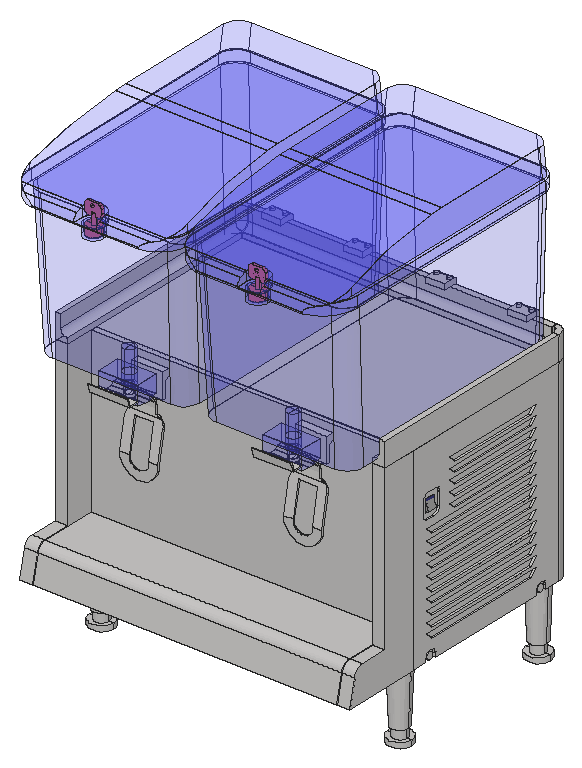
Revit family "QF_ELECTROLUXPROFESSIONAL_600932_ECS2D22", category Specialty Equipment, Revit 2018
Family settings
  Round Connector Dimension = Use Diameter
  Part Type = Normal
  Work Plane-Based = No
  Always vertical = Yes
  Cut with Voids When Loaded = No
  Shared = No
  Room Calculation Point = No
Parameters (values of type "Standard")
  Weight = 32.00 kg
  Watts = 0 W
  Volts = 230 V
  URL Manufacturer = "http://professional.electrolux.com"
  URL = "http://professional.electrolux.com"
  Steam Supply Size = 0 mm
  Steam Supply Minimum Pressure = 0.0 Pa
  Steam Supply Maximum Pressure = 0.0 Pa
  Steam Pounds per Hour = 0
  Refrigeration Suction Line Size = 0 mm
  Refrigeration Liquid Line Size = 0 mm
  Refrigerant Compressor Remote = yes
  Manufacturer = "Electrolux Professional"
  Phase = 1
  Model = "ECS2D22"
  Length Actual = 521.0 mm  # constant formula
  Item Number = "600932"
  Hot Water Size = 0 mm
  Height Actual = 729.0 mm  # constant formula
  HP = "0.5 HP"
  Gas Size = 0 mm
  Gas KW = 0
  Gas Input Pressure = 0 W
  Direct Waste Size = 0 mm
  Description = "COLD BEV DISP. 2X18 LT - AGITATOR"
  Depth Actual = 451.0 mm  # constant formula
  Cycle = 60 Hz
  Condensate Return Size = 0 mm
  Compressed Air Volume = 0.0 L/s
  Compressed Air Size = 0 mm
  Compressed Air Pressure = 0.0 Pa
  Cold Water Size = 0 mm
  Accessory = yes
Reference planes
  plane 1 "Center (Front/Back)": y = 0
  plane 2 "BASE": z = 0
  plane 3 "Center (Left/Right)": x = 0
  plane 4 "FEET": z = 110
  plane 5 "BACK": y = 212
  plane 6 "LEFT": x = -260
  plane 7 "RIGHT": x = 260
  plane 8 "FeetBack": y = 182
  plane 9 "EI_Front": y = 43
  plane 10 "TopBase": z = 420
  plane 11 "TOP": z = 729
  plane 12 "FRONT": y = -256
  plane 13 "FeetFront": y = -91
  plane 14 "Fillet": y = 192
  plane 15 "EI_Left": x = 234.6
  plane 16 "BaseVasca": z = 420
  plane 17 "Key": y = -238.074
Forms (mm)
  Extrusion 1, solid, material "QF_Finishes_Rubber Black"
    sketch origin (127, -237.264, 237.417) x (-1, 0, 0) y (0, 0, 1)
      loop
        line (-134.813, 85.505) -> (-130.245, 83.471) -> (-130.245, 81.362) -> (-128, 81.362) -> (-128, 101.362) -> (-130.245, 101.362)
        arc (-130.245, 101.362) -> (-131.172, 93.043) -> (-134.813, 85.505) r 24.82
    from 185 to 170
  Extrusion 2, solid, material "QF_Clearances", detail levels coarse
    sketch origin (1888.173, -11.659, 0) x (1, 0, 0) y (0, 1, 0)
      loop
        line (-2148.173, -244.341) -> (-2148.173, 223.659) -> (-1628.173, 223.659) -> (-1628.173, -244.341) -> (-1501.173, -244.341) -> (-1501.173, 373.659) -> (-2275.173, 373.659) -> (-2275.173, -244.341) -> (-2148.173, -244.341)
    from 0 to 729
  Revolve 3, solid, material "QF_Finishes_Stainless Steel"
    sketch origin (127, -91, 0) x (0, 0, 1) y (1, 0, 0)
      loop
        line (0, 127) -> (0, 108) -> (110, 108) -> (110, 125.038) -> (23, 122) -> (23, 119) -> (8, 119) -> (8, 127) -> (0, 127)
      axis (0, 108) -> (110, 108)
    angle from 0 to 360
  Revolve 4, solid, material "QF_Finishes_Stainless Steel"
    sketch origin (-127, -91, 0) x (0, 0, 1) y (1, 0, 0)
      loop
        line (0, -127) -> (8, -127) -> (8, -119) -> (23, -119) -> (23, -122) -> (110, -125.038) -> (110, -108) -> (0, -108) -> (0, -127)
      axis (0, -108) -> (110, -108)
    angle from 0 to 360
  Revolve 5, solid, material "QF_Finishes_Stainless Steel"
    sketch origin (127, 182, 0) x (-1, 0, 0) y (0, 0, 1)
      loop
        line (-127, 0) -> (-108, 0) -> (-108, 110) -> (-125.038, 110) -> (-122, 23) -> (-119, 23) -> (-119, 8) -> (-127, 8) -> (-127, 0)
      axis (-108, 0) -> (-108, 110)
    angle from 0 to 360
  Revolve 6, solid, material "QF_Finishes_Stainless Steel"
    sketch origin (-127, 182, 0) x (-1, 0, 0) y (0, 0, 1)
      loop
        line (127, 0) -> (127, 8) -> (119, 8) -> (119, 23) -> (122, 23) -> (125.038, 110) -> (108, 110) -> (108, 0) -> (127, 0)
      axis (108, 0) -> (108, 110)
    angle from 0 to 360
  Extrusion 7, solid, material "QF_Finishes_Stainless Steel"
    sketch origin (260, 0, 0) x (0, -1, 0) y (0, 0, 1)
      loop
        line (96.764, 110) -> (221, 110) -> (211.598, 151.16)
        arc (211.598, 151.16) -> (205.975, 160.107) -> (196, 163.597) r 16
        line (196, 163.597) -> (151, 163.597) -> (151, 420) -> (96.764, 420) -> (96.764, 110)
    from 20 to 0
  Extrusion 8, solid, material "QF_Finishes_Stainless Steel"
    sketch origin (0, 0, 0) x (0, 1, 0) y (0, 0, 1)
      loop
        line (-96.764, 110) -> (-96.764, 420) -> (-106, 420) -> (-106, 163.597) -> (-196, 163.597)
        arc (-196, 163.597) -> (-205.975, 160.107) -> (-211.598, 151.16) r 16
        line (-211.598, 151.16) -> (-221, 110) -> (-96.764, 110)
    from -240 to 240
  Extrusion 9, solid, material "QF_Finishes_Stainless Steel"
    sketch origin (260, -1000, 0) x (0, -1, 0) y (0, 0, 1)
      loop
        line (-903.236, 110) -> (-903.236, 420) -> (-1192, 420) -> (-1192, 110) -> (-1166, 110) -> (-1166, 115.694)
        arc (-1166, 115.694) -> (-1156, 125.694) -> (-1146, 115.694) r 10
        line (-1146, 115.694) -> (-1146, 110) -> (-948, 110) -> (-948, 115.694)
        arc (-948, 115.694) -> (-938, 125.694) -> (-928, 115.694) r 10
        line (-928, 115.694) -> (-928, 110) -> (-903.236, 110)
      loop
        arc (-923.159, 339.837) -> (-926.088, 346.908) -> (-933.159, 349.837) r 10
        line (-933.159, 349.837) -> (-947.159, 349.837)
        arc (-947.159, 349.837) -> (-954.23, 346.908) -> (-957.159, 339.837) r 10
        line (-957.159, 339.837) -> (-957.159, 319.837)
        arc (-957.159, 319.837) -> (-954.23, 312.766) -> (-947.159, 309.837) r 10
        line (-947.159, 309.837) -> (-933.159, 309.837)
        arc (-933.159, 309.837) -> (-926.088, 312.766) -> (-923.159, 319.837) r 10
        line (-923.159, 319.837) -> (-923.159, 339.837)
      loop
        line (-974.071, 381.364) -> (-1149.071, 381.364) -> (-1137.071, 369.364) -> (-986.071, 369.364) -> (-974.071, 381.364)
      loop
        line (-974.071, 364.864) -> (-1149.071, 364.864) -> (-1137.071, 352.864) -> (-986.071, 352.864) -> (-974.071, 364.864)
      loop
        line (-974.071, 348.364) -> (-1149.071, 348.364) -> (-1137.071, 336.364) -> (-986.071, 336.364) -> (-974.071, 348.364)
      loop
        line (-974.071, 331.864) -> (-1149.071, 331.864) -> (-1137.071, 319.864) -> (-986.071, 319.864) -> (-974.071, 331.864)
      loop
        line (-974.071, 315.364) -> (-1149.071, 315.364) -> (-1137.071, 303.364) -> (-986.071, 303.364) -> (-974.071, 315.364)
      loop
        line (-929.071, 298.864) -> (-1149.071, 298.864) -> (-1137.071, 286.864) -> (-941.071, 286.864) -> (-929.071, 298.864)
      loop
        line (-929.071, 282.364) -> (-1149.071, 282.364) -> (-1137.071, 270.364) -> (-941.071, 270.364) -> (-929.071, 282.364)
      loop
        line (-929.071, 265.864) -> (-1149.071, 265.864) -> (-1137.071, 253.864) -> (-941.071, 253.864) -> (-929.071, 265.864)
      loop
        line (-929.071, 249.364) -> (-1149.071, 249.364) -> (-1137.071, 237.364) -> (-941.071, 237.364) -> (-929.071, 249.364)
      loop
        line (-929.071, 232.864) -> (-1149.071, 232.864) -> (-1137.071, 220.864) -> (-941.071, 220.864) -> (-929.071, 232.864)
      loop
        line (-929.071, 216.364) -> (-1149.071, 216.364) -> (-1137.071, 204.364) -> (-941.071, 204.364) -> (-929.071, 216.364)
      loop
        line (-929.071, 199.864) -> (-1149.071, 199.864) -> (-1137.071, 187.864) -> (-941.071, 187.864) -> (-929.071, 199.864)
      loop
        line (-929.071, 183.364) -> (-1149.071, 183.364) -> (-1137.071, 171.364) -> (-941.071, 171.364) -> (-929.071, 183.364)
      loop
        line (-929.071, 166.864) -> (-1149.071, 166.864) -> (-1137.071, 154.864) -> (-941.071, 154.864) -> (-929.071, 166.864)
      loop
        line (-929.071, 150.364) -> (-1149.071, 150.364) -> (-1137.071, 138.364) -> (-941.071, 138.364) -> (-929.071, 150.364)
    from 5 to 0
  Extrusion 10, solid, material "QF_Finishes_Stainless Steel"
    sketch origin (-260, 0, 0) x (0, 1, 0) y (0, 0, 1)
      loop
        line (-96.764, 110) -> (-96.764, 420) -> (-151, 420) -> (-151, 163.597) -> (-196, 163.597)
        arc (-196, 163.597) -> (-205.975, 160.107) -> (-211.598, 151.16) r 16
        line (-211.598, 151.16) -> (-221, 110) -> (-96.764, 110)
    from 20 to 0
  Extrusion 11, solid, material "QF_Finishes_Stainless Steel"
    sketch origin (-260, 0, 0) x (0, 1, 0) y (0, 0, 1)
      loop
        line (-96.764, 110) -> (-72, 110) -> (-72, 115.694)
        arc (-72, 115.694) -> (-62, 125.694) -> (-52, 115.694) r 10
        line (-52, 115.694) -> (-52, 110) -> (146, 110) -> (146, 115.694)
        arc (146, 115.694) -> (156, 125.694) -> (166, 115.694) r 10
        line (166, 115.694) -> (166, 110) -> (192, 110) -> (192, 420) -> (-96.764, 420) -> (-96.764, 110)
      loop
        line (-70.929, 381.364) -> (-58.929, 369.364) -> (137.071, 369.364) -> (149.071, 381.364) -> (-70.929, 381.364)
      loop
        line (-70.929, 364.864) -> (-58.929, 352.864) -> (137.071, 352.864) -> (149.071, 364.864) -> (-70.929, 364.864)
      loop
        line (-70.929, 348.364) -> (-58.929, 336.364) -> (137.071, 336.364) -> (149.071, 348.364) -> (-70.929, 348.364)
      loop
        line (-70.929, 331.864) -> (-58.929, 319.864) -> (137.071, 319.864) -> (149.071, 331.864) -> (-70.929, 331.864)
      loop
        line (-70.929, 315.364) -> (-58.929, 303.364) -> (137.071, 303.364) -> (149.071, 315.364) -> (-70.929, 315.364)
      loop
        line (-70.929, 298.864) -> (-58.929, 286.864) -> (137.071, 286.864) -> (149.071, 298.864) -> (-70.929, 298.864)
      loop
        line (-70.929, 282.364) -> (-58.929, 270.364) -> (137.071, 270.364) -> (149.071, 282.364) -> (-70.929, 282.364)
      loop
        line (-70.929, 265.864) -> (-58.929, 253.864) -> (137.071, 253.864) -> (149.071, 265.864) -> (-70.929, 265.864)
      loop
        line (-70.929, 249.364) -> (-58.929, 237.364) -> (137.071, 237.364) -> (149.071, 249.364) -> (-70.929, 249.364)
      loop
        line (-70.929, 232.864) -> (-58.929, 220.864) -> (137.071, 220.864) -> (149.071, 232.864) -> (-70.929, 232.864)
      loop
        line (-70.929, 216.364) -> (-58.929, 204.364) -> (137.071, 204.364) -> (149.071, 216.364) -> (-70.929, 216.364)
      loop
        line (-70.929, 199.864) -> (-58.929, 187.864) -> (137.071, 187.864) -> (149.071, 199.864) -> (-70.929, 199.864)
      loop
        line (-70.929, 183.364) -> (-58.929, 171.364) -> (137.071, 171.364) -> (149.071, 183.364) -> (-70.929, 183.364)
      loop
        line (-70.929, 166.864) -> (-58.929, 154.864) -> (137.071, 154.864) -> (149.071, 166.864) -> (-70.929, 166.864)
      loop
        line (-70.929, 150.364) -> (-58.929, 138.364) -> (137.071, 138.364) -> (149.071, 150.364) -> (-70.929, 150.364)
    from 5 to 0
  Extrusion 12, solid, material "QF_Finishes_Stainless Steel"
    sketch origin (0, 0, 0) x (0, 1, 0) y (0, 0, 1)
      loop
        line (-96.764, 110) -> (192, 110) -> (192, 420) -> (-96.764, 420) -> (-96.764, 110)
    from 255 to -255
  Extrusion 13, solid, material "QF_Finishes_Stainless Steel"
    sketch origin (0, 0, 0) x (0, 1, 0) y (0, 0, 1)
      loop
        line (212, 110) -> (212, 420) -> (192, 420) -> (192, 110) -> (212, 110)
    from 240 to -240
  Extrusion 14, solid, material "QF_Finishes_Stainless Steel"
    sketch origin (0, -256, 0) x (-1, 0, 0) y (0, 0, 1)
      loop
        line (-260, 420) -> (-240, 420) -> (-240, 428.026)
        arc (-240, 428.026) -> (-247.802, 431.235) -> (-251.037, 439.026) r 11
        line (-251.037, 439.026) -> (-251.037, 458.026) -> (-260, 458.026) -> (-260, 420)
      loop
        line (260, 420) -> (260, 458.026) -> (251.037, 458.026) -> (251.037, 439.026)
        arc (251.037, 439.026) -> (247.802, 431.235) -> (240, 428.026) r 11
        line (240, 428.026) -> (240, 420) -> (260, 420)
    from 448 to 105
  Extrusion 15, solid, material "QF_Finishes_Stainless Steel"
    sketch origin (0, 0, 0) x (0, 1, 0) y (0, 0, 1)
      loop
        line (212, 420) -> (212, 458.026) -> (203.037, 458.026) -> (203.037, 439.026)
        arc (203.037, 439.026) -> (199.802, 431.235) -> (192, 428.026) r 11
        line (192, 428.026) -> (192, 420) -> (212, 420)
    from 240 to -240
  Revolve 16, solid, material "QF_Finishes_Stainless Steel"
    sketch origin (127, 192, 0) x (-1, 0, 0) y (0, 0, 1)
      loop
        line (-113, 420) -> (-113, 428.026)
        arc (-113, 428.026) -> (-120.802, 431.235) -> (-124.037, 439.026) r 11
        line (-124.037, 439.026) -> (-124.037, 458.026) -> (-133, 458.026) -> (-133, 420) -> (-113, 420)
      axis (-113, 420) -> (-113, 458.026)
    angle from 0 to -90
  Revolve 17, solid, material "QF_Finishes_Stainless Steel"
    sketch origin (-127, 192, 0) x (1, 0, 0) y (0, 0, 1)
      loop
        line (-113, 420) -> (-113, 428.026)
        arc (-113, 428.026) -> (-120.802, 431.235) -> (-124.037, 439.026) r 11
        line (-124.037, 439.026) -> (-124.037, 458.026) -> (-133, 458.026) -> (-133, 420) -> (-113, 420)
      axis (-113, 420) -> (-113, 458.026)
    angle from 0 to -90
  Extrusion 18, solid, material "QF_Finishes_Stainless Steel"
    sketch origin (0, 0, 110) x (-1, 0, 0) y (0, -1, 0)
      loop
        line (240, -192) -> (240, -212)
        arc (240, -212) -> (254.142, -206.142) -> (260, -192) r 20
        line (260, -192) -> (240, -192)
      loop
        arc (-260, -192) -> (-254.142, -206.142) -> (-240, -212) r 20
        line (-240, -212) -> (-240, -192) -> (-260, -192)
    from 0 to 310
  Extrusion 19, solid, material "QF_Finishes_Stainless Steel"
    sketch origin (260, 0, 0) x (0, -1, 0) y (0, 0, 1)
      loop
        circle (62, 115.694) r 5
      loop
        circle (-156, 115.694) r 5
    from 1 to 5
  Extrusion 20, solid, material "QF_Finishes_Stainless Steel"
    sketch origin (-260, 0, 0) x (0, 1, 0) y (0, 0, 1)
      loop
        circle (-62, 115.694) r 5
      loop
        circle (156, 115.694) r 5
    from 1 to 5
  Extrusion 21, solid, material "QF_Finishes_Stainless Steel"
    sketch origin (126.6, 43, 110) x (-1, 0, 0) y (0, -1, 0)
      loop
        circle (-108, 0) r 10
    from 0 to -10
Lines and regions (mm)
  symbolic lines
    curve 1: arc (-240, 212, 420) -> (-254.142, 206.142, 420) -> (-260, 192, 420) r 20
    curve 2: line (240, 212, 420) -> (209.263, 212, 420)
    curve 3: arc (240, 212, 420) -> (254.142, 206.142, 420) -> (260, 192, 420) r 20
    curve 4: line (-260, 192, 420) -> (-260, -221, 420)
    curve 5: line (260, -221, 420) -> (260, 192, 420)
    curve 6: line (240, 203.037, 420) -> (209.263, 203.037, 420)
    curve 7: arc (-240, 203.037, 420) -> (-247.805, 199.805, 420) -> (-251.037, 192, 420) r 11.037
    curve 8: arc (240, 203.037, 420) -> (247.805, 199.805, 420) -> (251.037, 192, 420) r 11.037
    curve 9: line (-251.037, 192, 420) -> (-251.037, 184.473, 420)
    curve 10: line (251.037, 184.473, 420) -> (251.037, 192, 420)
    curve 11: line (-257.131, -151, 420) -> (-260, -151, 420)
    curve 12: line (-260, -221, 420) -> (-253.706, -221, 420)
    curve 13: line (-4.82, -221, 420) -> (4.82, -221, 420)
    curve 14: line (260, -221, 420) -> (253.706, -221, 420)
    curve 15: line (260, -151, 420) -> (257.131, -151, 420)
    curve 16: line (-209.263, 203.037, 420) -> (-240, 203.037, 420)
    curve 17: line (49.263, 203.037, 420) -> (-49.263, 203.037, 420)
    curve 18: line (49.263, 212, 420) -> (-49.263, 212, 420)
    curve 19: line (-209.263, 212, 420) -> (-240, 212, 420)
    curve 20: line (179.263, 212, 420) -> (79.263, 212, 420)
    curve 21: line (179.263, 203.037, 420) -> (79.263, 203.037, 420)
    curve 22: line (-79.263, 203.037, 420) -> (-179.263, 203.037, 420)
    curve 23: line (-79.263, 212, 420) -> (-179.263, 212, 420)
Dimensions and locks
  plane 4 "FEET" to level = 110.0 mm
  plane 6 "LEFT" to plane 3 "Center (Left/Right)" to plane 7 "RIGHT" = 260.0 mm, 260.0 mm
  plane 6 "LEFT" to plane 7 "RIGHT" = 520.0 mm
  plane 5 "BACK" to plane 8 "FeetBack" = 30.0 mm
  plane 7 "RIGHT" to plane 6 "LEFT" = 520.0 mm
  plane 5 "BACK" to plane 12 "FRONT" = 468.0 mm
  plane 11 "TOP" to level = 729.0 mm
  plane 9 "EI_Front" to plane 5 "BACK" = 169.0 mm
  plane 10 "TopBase" to level = 420.0 mm
  plane 15 "EI_Left" to plane 7 "RIGHT" = 25.4 mm
  plane 5 "BACK" to plane 9 "EI_Front" = 169.0 mm
  aligned and locked: level to plane 2 "BASE"
Nested families
  nested 1: "CS1-V2" at (-129.263, 0.03, 0), type "CS1-V2"
  nested 2: "CS1-V2" at (129.263, 0.03, 0), type "CS1-V2"
Connectors
  electrical at (234.6, 43, 100), driven by "Volts"
    settings: on Extrusion 21, index 1, voltage 230 V, apparent load 0 VA, apparent load phase1 0 VA, apparent load phase2 0 VA, apparent load phase3 0 VA, power factor 1, load classification "Other", number of poles 1, system type 30, power factor state 1, is connector primary yes, connector utility no, sub classification motor no, connector description "Electrical Connection"
Definition of nested family "CS1-V2"
  Parameters (values of type "CS1-V2")
    Weight = 48.00 kg
    Watts = 71.5353 W
    Volts = 230 V
    URL Manufacturer = "http://professional.electrolux.com"
    URL = "http://professional.electrolux.com"
    Steam Supply Size = 0 mm
    Steam Supply Minimum Pressure = 0.0 Pa
    Steam Supply Maximum Pressure = 0.0 Pa
    Steam Pounds per Hour = 0
    Refrigeration Suction Line Size = 0 mm
    Refrigeration Liquid Line Size = 0 mm
    Refrigerant Compressor Remote = yes
    Manufacturer = "Electrolux"
    Phase = 1
    Model = "SP2ITNK"
    Length Actual = 447.0 mm  # constant formula
    Item Number = "560013"
    Hot Water Size = 0 mm
    Height Actual = 612.0 mm  # constant formula
    HP = "1 HP"
    Gas Size = 0 mm
    Gas KW = 0
    Gas Input Pressure = 0 W
    Description = "2X5 LT BOWL - FROZEN GRANITA AND FROZEN CREAM DISPENSER - 2 INSULATED BOWLS - WHITE"
    Depth Actual = 438.0 mm  # constant formula
    Cycle = 50 Hz
    Condensate Return Size = 0 mm
    Compressed Air Volume = 0.0 L/s
    Compressed Air Size = 0 mm
    Compressed Air Pressure = 0.0 Pa
    Cold Water Size = 0 mm
    Accessory = yes
  Reference planes
    plane 1 "Center (Front/Back)": y = 0
    plane 2 "BASE": z = 0
    plane 3 "Center (Left/Right)": x = 0
    plane 4 "FEET": z = 110
    plane 5 "BACK": y = 212
    plane 6 "LEFT": x = -133
    plane 7 "RIGHT": x = 133
    plane 8 "TopBase": z = 420
    plane 9 "TOP": z = 729
    plane 10 "FRONT": y = -256
    plane 11 "Fillet": y = 192
    plane 12 "BaseVasca": z = 420
    plane 13 "Key": y = -238.074
    plane 14: y = -168.455
  Forms (mm)
    Blend 1, solid
      base sketch origin (64.522, 0, 420) x (0, -1, 0) y (1, 0, 0)
        loop
          arc (178, -183.022) -> (195.678, -175.699) -> (203, -158.022) r 25
          line (203, -158.022) -> (203, 28.978)
          arc (203, 28.978) -> (195.678, 46.656) -> (178, 53.978) r 25
          line (178, 53.978) -> (-167, 53.978)
          arc (-167, 53.978) -> (-184.678, 46.656) -> (-192, 28.978) r 25
          line (-192, 28.978) -> (-192, -158.022)
          arc (-192, -158.022) -> (-184.678, -175.699) -> (-167, -183.022) r 25
          line (-167, -183.022) -> (178, -183.022)
      top sketch origin (64.522, 0, 420) x (0, -1, 0) y (1, 0, 0)
        loop
          arc (-192, -164.522) -> (-184.678, -182.199) -> (-167, -189.522) r 25
          line (-167, -189.522) -> (193, -189.522)
          arc (193, -189.522) -> (210.678, -182.199) -> (218, -164.522) r 25
          line (218, -164.522) -> (218, 35.478)
          arc (218, 35.478) -> (210.678, 53.156) -> (193, 60.478) r 25
          line (193, 60.478) -> (-167, 60.478)
          arc (-167, 60.478) -> (-184.678, 53.156) -> (-192, 35.478) r 25
          line (-192, 35.478) -> (-192, -164.522)
      from 8 to 247
    Blend 2, solid
      base sketch origin (133, 0, 420) x (0, -1, 0) y (1, 0, 0)
        loop
          arc (-192, -233.206) -> (-184.678, -250.883) -> (-167, -258.206) r 25
          line (-167, -258.206) -> (210.038, -258.206)
          arc (210.038, -258.206) -> (240.444, -245.611) -> (253.038, -215.206) r 43
          line (253.038, -215.206) -> (253.038, -51.206)
          arc (253.038, -51.206) -> (240.444, -20.8) -> (210.038, -8.206) r 43
          line (210.038, -8.206) -> (-167, -8.206)
          arc (-167, -8.206) -> (-184.678, -15.528) -> (-192, -33.206) r 25
          line (-192, -33.206) -> (-192, -233.206)
      top sketch origin (133, 0, 420) x (0, -1, 0) y (1, 0, 0)
        loop
          arc (-192, -228) -> (-184.678, -245.678) -> (-167, -253) r 25
          line (-167, -253) -> (200.138, -253)
          arc (200.138, -253) -> (235.494, -238.355) -> (250.138, -203) r 50
          line (250.138, -203) -> (250.138, -63)
          arc (250.138, -63) -> (235.494, -27.645) -> (200.138, -13) r 50
          line (200.138, -13) -> (-167, -13)
          arc (-167, -13) -> (-184.678, -20.322) -> (-192, -38) r 25
          line (-192, -38) -> (-192, -228)
      from 265.34 to 309
    Extrusion 3, solid
      sketch origin (64.522, 0, 420) x (0, -1, 0) y (1, 0, 0)
        loop
          line (256, -148.79) -> (256, 19.747)
          arc (256, 19.747) -> (236.607, 51.092) -> (201.845, 63.347) r 55.433
          line (201.845, 63.347) -> (-168.323, 63.347)
          arc (-168.323, 63.347) -> (-187.191, 54.733) -> (-194.9, 35.478) r 27.9
          line (-194.9, 35.478) -> (-194.9, -164.522)
          arc (-194.9, -164.522) -> (-187.191, -183.777) -> (-168.323, -192.39) r 27.9
          line (-168.323, -192.39) -> (201.845, -192.39)
          arc (201.845, -192.39) -> (236.607, -180.136) -> (256, -148.79) r 55.433
      from 265.34 to 247
    Extrusion 4, void
      sketch origin (108, 0, 0) x (0, 1, 0) y (0, 0, 1)
        loop
          line (-26.39, 729) -> (-26.39, 734) -> (-256, 734) -> (-256, 669.303) -> (-254.726, 672.803)
          arc (-254.726, 672.803) -> (-252.106, 677.514) -> (-248.147, 681.172) r 17.063
          arc (-248.147, 681.172) -> (-148.754, 713.466) -> (-45.263, 728.011) r 599.546
          line (-45.263, 728.011) -> (-26.39, 729)
      from -241 to 25
    Extrusion 5, void
      sketch origin (0, 0, 0) x (0, 1, 0) y (0, 0, 1)
        loop
          arc (-249.651, 680.531) -> (-239.286, 684.849) -> (-228.842, 688.973) r 599.546
          line (-228.842, 688.973) -> (-262.493, 688.973) -> (-262.493, 670.038) -> (-256, 670.038)
          arc (-256, 670.038) -> (-254.289, 676.17) -> (-249.651, 680.531) r 11.845
      from -127.869 to 124.794
    Extrusion 6, void
      sketch origin (0, 0, 420) x (0, -1, 0) y (1, 0, 0)
        loop
          line (238.074, -17.633) -> (256, -17.633) -> (256, 17.633) -> (238.074, 17.633)
          arc (238.074, 17.633) -> (220.441, 0) -> (238.074, -17.633) r 17.633
      from 249.303 to 265.34
    Extrusion 7, void
      sketch origin (64.522, 0, 420) x (0, -1, 0) y (1, 0, 0)
        loop
          circle (238.074, -64.522) r 12
      from 233.373 to 247
    Extrusion 8, solid
      sketch origin (64.522, 0, 420) x (0, -1, 0) y (1, 0, 0)
        loop
          circle (238.074, -64.522) r 15.757
      from 230.564 to 247
    Revolve 9, solid
      sketch origin (64.522, -238.074, 0) x (-1, 0, 0) y (0, 0, 1)
        loop
          line (64.522, 683.398) -> (61.099, 683.398) -> (61.099, 667) -> (52.522, 667) -> (52.522, 653.373) -> (64.522, 653.373) -> (64.522, 683.398)
        axis (64.522, 653.373) -> (64.522, 683.398)
      angle from 0 to 360
    Extrusion 10, solid
      sketch origin (64.522, -238.074, 0) x (-1, 0, 0) y (0, 0, 1)
        loop
          line (62.099, 683.398) -> (66.944, 683.398) -> (66.944, 678.398) -> (71.849, 678.398)
          arc (71.849, 678.398) -> (76.091, 680.156) -> (77.849, 684.398) r 6
          line (77.849, 684.398) -> (77.849, 692.398)
          arc (77.849, 692.398) -> (76.091, 696.641) -> (71.849, 698.398) r 6
          line (71.849, 698.398) -> (57.195, 698.398)
          arc (57.195, 698.398) -> (52.952, 696.641) -> (51.195, 692.398) r 6
          line (51.195, 692.398) -> (51.195, 684.398)
          arc (51.195, 684.398) -> (52.952, 680.156) -> (57.195, 678.398) r 6
          line (57.195, 678.398) -> (62.099, 678.398) -> (62.099, 683.398)
        loop
          circle (64.522, 693.106) r 3
      from -2 to 2
    Extrusion 11, solid
      sketch origin (0, 0, 0) x (0, 1, 0) y (0, 0, 1)
        loop
          line (-190.5, 428) -> (-190.5, 398) -> (-174.107, 395.109) -> (-164.107, 395.109) -> (-159.607, 399.609) -> (-153.116, 399.609) -> (-153.116, 428) -> (-190.5, 428)
      from -31.045 to 31
    Revolve 12, void
      sketch origin (0, 0, 0) x (0, 1, 0) y (0, 0, 1)
        loop
          line (-168.455, 463.265) -> (-178.327, 463.265) -> (-178.327, 410.984) -> (-175.351, 410.984) -> (-175.351, 398) -> (-174.149, 398) -> (-174.149, 388) -> (-168.455, 388) -> (-168.455, 463.265)
        axis (-168.455, 388) -> (-168.455, 463.265)
      angle from 0 to 360
    Revolve 13, solid
      sketch origin (0, 0, 0) x (0, 1, 0) y (0, 0, 1)
        loop
          line (-168.455, 385.109) -> (-163.455, 385.109) -> (-163.455, 395.109) -> (-161.56, 395.109) -> (-161.56, 398) -> (-168.455, 398) -> (-168.455, 385.109)
        axis (-168.455, 398) -> (-168.455, 385.109)
      angle from 0 to 360
    Extrusion 14, solid
      sketch origin (0, 0, 0) x (0, 1, 0) y (0, 0, 1)
        loop
          line (-211.42, 417.932) -> (-207.338, 404.58) -> (-190.5, 404.58) -> (-190.5, 405.58) -> (-206.598, 405.58) -> (-210.464, 418.224) -> (-211.42, 417.932)
      from -31.045 to 31
    Extrusion 15, solid
      sketch origin (0, 0, 0) x (0, 1, 0) y (0, 0, 1)
        loop
          line (-149.25, 259.609) -> (-148.25, 259.609) -> (-148.25, 296.088) -> (-136.39, 354.802)
          arc (-136.39, 354.802) -> (-135.207, 366.291) -> (-136.255, 377.793) r 59.784
          line (-136.255, 377.793) -> (-131.876, 379.387) -> (-129.145, 379.387) -> (-129.145, 380.887) -> (-132.141, 380.887) -> (-136.557, 379.279) -> (-139.722, 379.279) -> (-156.78, 399.609) -> (-158.086, 399.609) -> (-140.188, 378.279) -> (-137.37, 378.279)
          arc (-137.37, 378.279) -> (-136.206, 366.64) -> (-137.37, 355) r 58.784
          line (-137.37, 355) -> (-149.25, 296.188) -> (-149.25, 259.609)
      from -30 to 30
    Extrusion 16, void
      sketch origin (0, -238.074, 0) x (-1, 0, 0) y (0, 0, 1)
        loop
          line (15, 348.279) -> (-15, 348.279) -> (-15, 288.279)
          arc (-15, 288.279) -> (0, 279.279) -> (15, 288.279) r 17
          line (15, 288.279) -> (15, 348.279)
        loop
          arc (30, 288.469) -> (0, 265.279) -> (-30, 288.469) r 31
          line (-30, 288.469) -> (-30, 344.632)
          arc (-30, 344.632) -> (-26.112, 354.705) -> (-16.464, 359.553) r 14.993
          line (-16.464, 359.553) -> (-16.464, 399.609) -> (-36.464, 399.609) -> (-36.464, 259.609) -> (36.464, 259.609) -> (36.464, 399.609) -> (16.464, 399.609) -> (16.464, 359.553)
          arc (16.464, 359.553) -> (26.112, 354.705) -> (30, 344.632) r 14.993
          line (30, 344.632) -> (30, 288.469)
      from 79.263 to 108.929
    Extrusion 17, solid
      sketch origin (0, 0, 0) x (0, 1, 0) y (0, 0, 1)
        loop
          line (-133.507, 380.887) -> (-129.145, 380.887) -> (-129.145, 406.439) -> (-121.488, 410.009) -> (-121.488, 420.078) -> (-133.507, 420.078) -> (-133.507, 380.887)
      from -25 to 24.963
    Extrusion 18, solid
      sketch origin (0, 0, 0) x (0, 1, 0) y (0, 0, 1)
        loop
          line (192, 458) -> (212, 458) -> (212, 447.335) -> (215, 447.335) -> (215, 462.335)
          arc (215, 462.335) -> (213.865, 465.076) -> (211.123, 466.212) r 3.877
          line (211.123, 466.212) -> (192, 466.212) -> (192, 458)
      from -50 to -80
    Extrusion 19, solid
      sketch origin (-65, 0, 420) x (0, -1, 0) y (1, 0, 0)
        loop
          circle (-207, -10) r 3
        loop
          circle (-207, 10) r 3
      from 46.212 to 48.2
    Extrusion 20, solid
      sketch origin (0, 0, 0) x (0, 1, 0) y (0, 0, 1)
        loop
          line (192, 458) -> (212, 458) -> (212, 447.335) -> (215, 447.335) -> (215, 462.335)
          arc (215, 462.335) -> (213.865, 465.076) -> (211.123, 466.212) r 3.877
          line (211.123, 466.212) -> (192, 466.212) -> (192, 458)
      from 80 to 50
    Extrusion 21, solid
      sketch origin (65, 0, 420) x (0, -1, 0) y (1, 0, 0)
        loop
          circle (-207, -10) r 3
        loop
          circle (-207, 10) r 3
      from 46.212 to 48.2
  Cuts and joins
    Extrusion 4, Extrusion 6 cuts Blend 2
    Extrusion 5, Extrusion 6, Extrusion 7 cuts Extrusion 3
    Extrusion 7, Revolve 12 cuts Blend 1
    Extrusion 7 cuts Extrusion 8
    Revolve 12, Extrusion 16 cuts Extrusion 11
    Extrusion 16 cuts Extrusion 15
  Lines and regions (mm)
    symbolic lines
      curve 1: arc (-95, 192, 420) -> (-112.678, 184.678, 420) -> (-120, 167, 420) r 25
      curve 2: arc (-125.206, 167, 420) -> (-117.883, 184.678, 420) -> (-100.206, 192, 420) r 25
      curve 3: arc (-100, 194.9, 420) -> (-119.255, 187.191, 420) -> (-127.869, 168.323, 420) r 27.9
      curve 4: line (-100, 194.9, 420) -> (100, 194.9, 420)
      curve 5: arc (127.869, 168.323, 420) -> (119.255, 187.191, 420) -> (100, 194.9, 420) r 27.9
      curve 6: arc (99.794, 192, 420) -> (117.472, 184.678, 420) -> (124.794, 167, 420) r 25
      curve 7: arc (120, 167, 420) -> (112.678, 184.678, 420) -> (95, 192, 420) r 25
      curve 8: line (99.794, 192, 420) -> (-100.206, 192, 420)
      curve 9: line (-127.869, -201.845, 420) -> (-127.869, 168.323, 420)
      curve 10: line (-125.206, -210.038, 420) -> (-125.206, 167, 420)
      curve 11: line (-120, 167, 420) -> (-120, -26.39, 420)
      curve 12: line (120, -26.39, 420) -> (120, 167, 420)
      curve 13: line (124.794, 167, 420) -> (124.794, -210.038, 420)
      curve 14: line (127.869, 168.323, 420) -> (127.869, -201.845, 420)
      curve 15: line (-120, -26.39, 420) -> (120, -26.39, 420)
      curve 16: arc (-127.869, -201.845, 420) -> (-115.614, -236.607, 420) -> (-84.269, -256, 420) r 55.433
      curve 17: arc (-114.9, -237.968, 420) -> (-122.547, -224.923, 420) -> (-125.206, -210.038, 420) r 43
      curve 18: spline (-123.835, -207.457, 420) -> (-123.908, -210.163, 420) -> (-123.828, -212.865, 420) -> (-123.596, -215.554, 420) -> (-123.212, -218.224, 420) -> (-122.678, -220.866, 420) -> (-121.994, -223.473, 420) -> (-121.163, -226.037, 420) -> (-120.188, -228.551, 420) -> (-119.07, -231.008, 420) -> (-117.814, -233.401, 420) -> (-116.423, -235.723, 420) -> (-114.9, -237.968, 420)
      curve 19: arc (84.269, -256, 420) -> (115.614, -236.607, 420) -> (127.869, -201.845, 420) r 55.433
      curve 20: arc (124.794, -210.038, 420) -> (122.136, -224.923, 420) -> (114.489, -237.968, 420) r 43
      curve 21: spline (114.489, -237.968, 420) -> (116.021, -235.721, 420) -> (117.421, -233.396, 420) -> (118.687, -231.001, 420) -> (119.814, -228.543, 420) -> (120.798, -226.028, 420) -> (121.638, -223.463, 420) -> (122.331, -220.857, 420) -> (122.874, -218.216, 420) -> (123.267, -215.547, 420) -> (123.508, -212.86, 420) -> (123.596, -210.16, 420) -> (123.532, -207.457, 420)
      curve 22: line (124.794, 167, 420) -> (124.794, -210.038, 420)
      curve 23: line (-17.633, -256, 420) -> (-17.633, -238.074, 420)
      curve 24: line (13.327, -240.074, 420) -> (-13.327, -240.074, 420)
      curve 25: line (-13.327, -236.074, 420) -> (13.327, -236.074, 420)
      curve 26: line (17.633, -238.074, 420) -> (17.633, -256, 420)
      curve 27: line (84.269, -256, 420) -> (-84.269, -256, 420)
      curve 28: arc (2.777, -240.074, 420) -> (0, -241.496, 420) -> (-2.777, -240.074, 420) r 3.422
      curve 29: line (-120, -26.39, 420) -> (-123.835, -207.457, 420)
      curve 30: line (120, -26.39, 420) -> (123.532, -207.457, 420)
      curve 31: arc (17.633, -238.074, 420) -> (0, -220.441, 420) -> (-17.633, -238.074, 420) r 17.633
      curve 32: line (13.327, -240.074, 420) -> (13.327, -236.074, 420)
      curve 33: line (-13.327, -240.074, 420) -> (-13.327, -236.074, 420)
      curve 34: arc (-11.832, -236.074, 420) -> (0, -226.074, 420) -> (11.832, -236.074, 420) r 12
      curve 35: arc (11.832, -240.074, 420) -> (0, -250.074, 420) -> (-11.832, -240.074, 420) r 12
      curve 36: circle (0, -238.074, 420) r 15.757 normal (0, 0, -1)
      curve 37: arc (-2.777, -236.074, 420) -> (0, -234.652, 420) -> (2.777, -236.074, 420) r 3.422
      curve 38: line (-80, 194.9, 420) -> (-80, 215, 420)
      curve 39: line (-80, 215, 420) -> (-50, 215, 420)
      curve 40: line (-50, 215, 420) -> (-50, 194.9, 420)
      curve 41: circle (-75, 207, 420) r 3 normal (0, 0, -1)
      curve 42: circle (-55, 207, 420) r 3 normal (0, 0, 1)
      curve 43: line (80, 194.9, 420) -> (80, 215, 420)
      curve 44: line (80, 215, 420) -> (50, 215, 420)
      curve 45: line (50, 215, 420) -> (50, 194.9, 420)
      curve 46: circle (75, 207, 420) r 3 normal (0, 0, 1)
      curve 47: circle (55, 207, 420) r 3 normal (0, 0, -1)
  Dimensions and locks
    plane 4 "FEET" to level = 110.0 mm
    equal spacing: plane 6 "LEFT", plane 3 "Center (Left/Right)", plane 7 "RIGHT"
    plane 5 "BACK" to plane 1 "Center (Front/Back)" = 212.0 mm
    plane 6 "LEFT" to plane 7 "RIGHT" = 266.0 mm
    plane 7 "RIGHT" to plane 6 "LEFT" = 266.0 mm
    plane 5 "BACK" to plane 10 "FRONT" = 468.0 mm
    plane 9 "TOP" to level = 729.0 mm
    plane 8 "TopBase" to level = 420.0 mm
    radius of Extrusion 7 sketch curve = 12.0 mm
    aligned and locked: level to plane 2 "BASE"
  Automatic sketch dimensions
    Blend 1 sketch curve to plane 11 "Fillet" = 0.0 mm  (x2)
    Blend 1 sketch curve to Blend 1 sketch curve = 25.0 mm  (x3)
    plane 14 to Blend 1 sketch curve = 9.545 mm  (x2)
    plane 6 "LEFT" to Blend 1 sketch curve = 14.5 mm
    plane 7 "RIGHT" to Blend 1 sketch curve = 39.5 mm
    plane 7 "RIGHT" to Blend 1 sketch curve = 8.0 mm
    Blend 1 sketch curve to plane 11 "Fillet" = 25.0 mm  (x2)
    plane 6 "LEFT" to Blend 1 sketch curve = 8.0 mm
    plane 14 to Blend 1 sketch curve = 24.545 mm  (x2)
    plane 13 "Key" to Blend 1 sketch curve = 20.074 mm
    Blend 2 sketch curve to plane 11 "Fillet" = 0.0 mm  (x2)
    plane 6 "LEFT" to Blend 2 sketch curve = 7.794 mm
    Blend 2 sketch curve to plane 11 "Fillet" = 25.0 mm  (x3)
    Blend 2 sketch curve to Blend 2 sketch curve = 25.0 mm
    plane 13 "Key" to Blend 2 sketch curve = 28.035 mm  (x2)
    plane 7 "RIGHT" to Blend 2 sketch curve = 8.206 mm
    plane 10 "FRONT" to Blend 2 sketch curve = 2.962 mm
    plane 7 "RIGHT" to Blend 2 sketch curve = 13.0 mm
    plane 6 "LEFT" to Blend 2 sketch curve = 13.0 mm
    plane 14 to Blend 2 sketch curve = 31.683 mm  (x2)
    plane 10 "FRONT" to Blend 2 sketch curve = 5.862 mm
    Extrusion 3 sketch curve to plane 10 "FRONT" = 0.0 mm
    plane 14 to Extrusion 3 sketch curve = 33.389 mm  (x2)
    Extrusion 3 sketch curve to plane 11 "Fillet" = 25.0 mm  (x2)
    plane 6 "LEFT" to Extrusion 3 sketch curve = 5.131 mm
    Extrusion 3 sketch curve to plane 11 "Fillet" = 23.677 mm  (x2)
    plane 7 "RIGHT" to Extrusion 3 sketch curve = 5.131 mm
    plane 11 "Fillet" to Extrusion 3 sketch curve = 2.9 mm
    plane 6 "LEFT" to Extrusion 3 sketch curve = 48.731 mm
    Extrusion 3 sketch curve to Extrusion 3 sketch curve = 55.433 mm
    Extrusion 4 sketch curve to plane 10 "FRONT" = 0.0 mm
    plane 9 "TOP" to Extrusion 4 sketch curve = 0.0 mm
    plane 10 "FRONT" to Extrusion 4 sketch curve = 1.274 mm
    Extrusion 4 sketch curve to plane 13 "Key" = 0.619 mm
    plane 9 "TOP" to Extrusion 4 sketch curve = 0.989 mm
    plane 1 "Center (Front/Back)" to Extrusion 4 sketch curve = 45.263 mm
    Extrusion 4 sketch curve to Extrusion 4 sketch curve = 18.873 mm
    plane 1 "Center (Front/Back)" to Extrusion 4 sketch curve = 13.885 mm
    plane 9 "TOP" to Extrusion 4 sketch curve = 56.197 mm
    Extrusion 4 sketch curve to Extrusion 4 sketch curve = 3.5 mm
    Extrusion 4 sketch curve to Extrusion 4 sketch curve = 5.836 mm
    plane 4 "FEET" to Extrusion 4 sketch curve = 19.287 mm
    Extrusion 4 sketch curve to plane 9 "TOP" = 5.0 mm
    Extrusion 5 sketch curve to plane 10 "FRONT" = 0.0 mm
    Extrusion 5 sketch curve to plane 10 "FRONT" = 6.493 mm
    Extrusion 5 sketch curve to plane 13 "Key" = 6.081 mm
    plane 13 "Key" to Extrusion 5 sketch curve = 9.232 mm
    plane 1 "Center (Front/Back)" to Extrusion 5 sketch curve = 13.885 mm
    plane 4 "FEET" to Extrusion 5 sketch curve = 19.287 mm
    plane 9 "TOP" to Extrusion 5 sketch curve = 58.962 mm
    Extrusion 5 sketch curve to Extrusion 5 sketch curve = 18.935 mm
    Extrusion 6 sketch curve to plane 3 "Center (Left/Right)" = 0.0 mm
    Extrusion 6 sketch curve to plane 13 "Key" = 0.0 mm
    Extrusion 6 sketch curve to plane 10 "FRONT" = 0.0 mm
    Extrusion 6 sketch curve to plane 3 "Center (Left/Right)" = 17.633 mm
    Extrusion 7 sketch curve to plane 3 "Center (Left/Right)" = 0.0 mm
    Extrusion 7 sketch curve to plane 13 "Key" = 0.0 mm
    Extrusion 8 sketch curve to plane 3 "Center (Left/Right)" = 0.0 mm
    Extrusion 8 sketch curve to plane 13 "Key" = 0.0 mm
    Revolve 9 sketch curve to plane 3 "Center (Left/Right)" = 0.0 mm  (x2)
    Revolve 9 sketch curve to Revolve 9 sketch curve = 3.422 mm
    Revolve 9 sketch curve to Revolve 9 sketch curve = 12.0 mm
    plane 9 "TOP" to Revolve 9 sketch curve = 75.627 mm
    Revolve 9 sketch curve to Revolve 9 sketch curve = 13.627 mm
    Revolve 9 sketch curve to Revolve 9 sketch curve = 16.398 mm
    Revolve 9 sketch curve to Revolve 9 sketch curve = 2.303 mm
    plane 9 "TOP" to Revolve 9 sketch curve = 22.746 mm
    Extrusion 10 sketch curve to plane 3 "Center (Left/Right)" = 0.0 mm
    plane 3 "Center (Left/Right)" to Extrusion 10 sketch curve = 2.422 mm
    plane 3 "Center (Left/Right)" to Extrusion 10 sketch curve = 7.327 mm
    Extrusion 10 sketch curve to Extrusion 10 sketch curve = 4.905 mm  (x2)
    Extrusion 10 sketch curve to Extrusion 10 sketch curve = 6.0 mm  (x2)
    Extrusion 10 sketch curve to plane 3 "Center (Left/Right)" = 2.422 mm
    Extrusion 10 sketch curve to plane 3 "Center (Left/Right)" = 7.327 mm
    plane 9 "TOP" to Extrusion 10 sketch curve = 50.602 mm
    Extrusion 10 sketch curve to Extrusion 10 sketch curve = 0.0 mm
    Extrusion 10 sketch curve to Extrusion 10 sketch curve = 5.0 mm
    Extrusion 10 sketch curve to Extrusion 10 sketch curve = 8.0 mm
    Extrusion 10 sketch curve to Extrusion 10 sketch curve = 0.707 mm
    plane 8 "TopBase" to Extrusion 11 sketch curve = 8.0 mm
    plane 14 to Extrusion 11 sketch curve = 22.045 mm
    plane 14 to Extrusion 11 sketch curve = 5.651 mm
    Extrusion 11 sketch curve to plane 14 = 4.349 mm
    Extrusion 11 sketch curve to Extrusion 11 sketch curve = 4.499 mm  (x2)
    Extrusion 11 sketch curve to plane 14 = 15.339 mm
    Extrusion 11 sketch curve to plane 8 "TopBase" = 20.391 mm
    Extrusion 11 sketch curve to plane 8 "TopBase" = 22.0 mm
    Revolve 12 sketch curve to plane 14 = 0.0 mm  (x2)
    plane 14 to Revolve 12 sketch curve = 5.694 mm
    plane 14 to Revolve 12 sketch curve = 6.896 mm
    Revolve 12 sketch curve to Revolve 12 sketch curve = 9.871 mm
    Revolve 12 sketch curve to plane 8 "TopBase" = 32.0 mm
    Revolve 12 sketch curve to Revolve 12 sketch curve = 10.0 mm
    Revolve 12 sketch curve to plane 8 "TopBase" = 9.016 mm
    plane 8 "TopBase" to Revolve 12 sketch curve = 43.265 mm
    Revolve 12 sketch curve to Revolve 12 sketch curve = 0.0 mm
    Revolve 12 sketch curve to Revolve 12 sketch curve = 20.0 mm
    Revolve 13 sketch curve to plane 14 = 0.0 mm  (x2)
    Revolve 13 sketch curve to plane 14 = 5.0 mm
    Revolve 13 sketch curve to Revolve 13 sketch curve = 1.896 mm
    Revolve 13 sketch curve to plane 8 "TopBase" = 34.891 mm
    Revolve 13 sketch curve to Revolve 13 sketch curve = 10.0 mm
    Revolve 13 sketch curve to Revolve 13 sketch curve = 2.891 mm
    Revolve 13 sketch curve to Revolve 13 sketch curve = 7.275 mm
    Revolve 13 sketch curve to plane 8 "TopBase" = 9.016 mm
    Extrusion 14 sketch curve to plane 8 "TopBase" = 2.068 mm
    plane 13 "Key" to Extrusion 14 sketch curve = 26.654 mm
    Extrusion 14 sketch curve to plane 8 "TopBase" = 1.776 mm
    Extrusion 14 sketch curve to Extrusion 14 sketch curve = 0.956 mm
    Extrusion 14 sketch curve to Extrusion 14 sketch curve = 4.082 mm
    Extrusion 14 sketch curve to Extrusion 14 sketch curve = 0.74 mm
    Extrusion 14 sketch curve to Extrusion 14 sketch curve = 16.098 mm
    Extrusion 15 sketch curve to Extrusion 15 sketch curve = 0.0 mm  (x3)
    plane 14 to Extrusion 15 sketch curve = 26.535 mm
    Extrusion 15 sketch curve to plane 14 = 10.37 mm
    Extrusion 15 sketch curve to Extrusion 15 sketch curve = 1.305 mm
    Extrusion 15 sketch curve to plane 14 = 19.205 mm
    Extrusion 15 sketch curve to Extrusion 15 sketch curve = 1.0 mm  (x2)
    Extrusion 15 sketch curve to Extrusion 15 sketch curve = 16.592 mm
    Extrusion 15 sketch curve to Extrusion 15 sketch curve = 0.466 mm
    Extrusion 15 sketch curve to Extrusion 15 sketch curve = 2.352 mm
    Extrusion 15 sketch curve to Extrusion 15 sketch curve = 0.812 mm
    Extrusion 15 sketch curve to Extrusion 15 sketch curve = 0.98 mm
    Extrusion 15 sketch curve to Extrusion 15 sketch curve = 1.114 mm
    Extrusion 15 sketch curve to Extrusion 15 sketch curve = 4.417 mm
    Extrusion 15 sketch curve to Extrusion 15 sketch curve = 0.264 mm
    Extrusion 15 sketch curve to Extrusion 15 sketch curve = 2.731 mm
    plane 4 "FEET" to Extrusion 15 sketch curve = 149.609 mm
    Extrusion 15 sketch curve to Extrusion 15 sketch curve = 36.479 mm
    Extrusion 15 sketch curve to Extrusion 15 sketch curve = 0.1 mm
    Extrusion 15 sketch curve to Extrusion 15 sketch curve = 58.714 mm
    Extrusion 15 sketch curve to Extrusion 15 sketch curve = 0.198 mm
    Extrusion 15 sketch curve to plane 8 "TopBase" = 53.36 mm
    Extrusion 15 sketch curve to Extrusion 15 sketch curve = 1.594 mm
    Extrusion 15 sketch curve to Extrusion 15 sketch curve = 1.5 mm
    Extrusion 15 sketch curve to plane 8 "TopBase" = 20.391 mm
    Extrusion 16 sketch curve to Extrusion 16 sketch curve = 0.0 mm  (x3)
    Extrusion 16 sketch curve to plane 3 "Center (Left/Right)" = 0.0 mm
    plane 3 "Center (Left/Right)" to Extrusion 16 sketch curve = 15.0 mm
    Extrusion 16 sketch curve to Extrusion 16 sketch curve = 0.007 mm  (x2)
    plane 3 "Center (Left/Right)" to Extrusion 16 sketch curve = 16.464 mm
    Extrusion 16 sketch curve to Extrusion 16 sketch curve = 15.0 mm  (x2)
    Extrusion 16 sketch curve to Extrusion 16 sketch curve = 20.0 mm  (x2)
    Extrusion 16 sketch curve to plane 3 "Center (Left/Right)" = 15.0 mm
    Extrusion 16 sketch curve to plane 3 "Center (Left/Right)" = 16.464 mm
    plane 4 "FEET" to Extrusion 16 sketch curve = 149.609 mm
    Extrusion 16 sketch curve to Extrusion 16 sketch curve = 28.671 mm
    Extrusion 16 sketch curve to Extrusion 16 sketch curve = 0.19 mm
    Extrusion 16 sketch curve to Extrusion 16 sketch curve = 8.0 mm
    Extrusion 16 sketch curve to Extrusion 16 sketch curve = 56.163 mm
    Extrusion 16 sketch curve to Extrusion 16 sketch curve = 3.647 mm
    Extrusion 16 sketch curve to plane 8 "TopBase" = 20.391 mm  (x2)
    Extrusion 17 sketch curve to plane 14 = 34.948 mm
    Extrusion 17 sketch curve to Extrusion 17 sketch curve = 4.362 mm
    Extrusion 17 sketch curve to Extrusion 17 sketch curve = 7.657 mm
    Extrusion 17 sketch curve to plane 8 "TopBase" = 39.113 mm
    Extrusion 17 sketch curve to plane 8 "TopBase" = 13.561 mm
    Extrusion 17 sketch curve to Extrusion 17 sketch curve = 3.57 mm
    plane 8 "TopBase" to Extrusion 17 sketch curve = 0.078 mm
    Extrusion 18 sketch curve to plane 11 "Fillet" = 0.0 mm
    Extrusion 18 sketch curve to plane 5 "BACK" = 0.0 mm
    Extrusion 18 sketch curve to plane 5 "BACK" = 0.877 mm
    Extrusion 18 sketch curve to Extrusion 18 sketch curve = 3.0 mm
    plane 8 "TopBase" to Extrusion 18 sketch curve = 27.335 mm
    Extrusion 18 sketch curve to Extrusion 18 sketch curve = 10.665 mm
    Extrusion 18 sketch curve to Extrusion 18 sketch curve = 4.335 mm
    Extrusion 19 sketch curve to plane 5 "BACK" = 5.0 mm  (x2)
    plane 6 "LEFT" to Extrusion 19 sketch curve = 58.0 mm
    Extrusion 19 sketch curve to Extrusion 19 sketch curve = 20.0 mm
    Extrusion 20 sketch curve to plane 11 "Fillet" = 0.0 mm
    Extrusion 20 sketch curve to plane 5 "BACK" = 0.0 mm
    Extrusion 20 sketch curve to plane 5 "BACK" = 0.877 mm
    Extrusion 20 sketch curve to Extrusion 20 sketch curve = 3.0 mm
    plane 8 "TopBase" to Extrusion 20 sketch curve = 27.335 mm
    Extrusion 20 sketch curve to Extrusion 20 sketch curve = 10.665 mm
    Extrusion 20 sketch curve to Extrusion 20 sketch curve = 4.335 mm
    Extrusion 21 sketch curve to plane 5 "BACK" = 5.0 mm  (x2)
    plane 3 "Center (Left/Right)" to Extrusion 21 sketch curve = 55.0 mm
    Extrusion 21 sketch curve to Extrusion 21 sketch curve = 20.0 mm
    curve 28 to curve 31 = 0.0 mm
    curve 28 to curve 34 = 0.0 mm  (x2)
    curve 28 to curve 35 = 0.0 mm  (x2)
    curve 28 to curve 36 = 0.0 mm
    curve 28 to curve 37 = 0.0 mm
    curve 31 to curve 37 = 0.0 mm
    curve 35 to curve 36 = 0.0 mm
    curve 36 to curve 37 = 0.0 mm
    curve 8 to plane 11 "Fillet" = 0.0 mm
    curve 34 to plane 3 "Center (Left/Right)" = 0.0 mm
    curve 34 to plane 13 "Key" = 0.0 mm
    curve 26 to plane 10 "FRONT" = 0.0 mm
    plane 11 "Fillet" to curve 4 = 2.9 mm
    curve 47 to plane 5 "BACK" = 5.0 mm
    curve 41 to plane 5 "BACK" = 5.0 mm
    curve 42 to plane 5 "BACK" = 5.0 mm
    curve 46 to plane 5 "BACK" = 5.0 mm
    plane 5 "BACK" to curve 44 = 3.0 mm
    plane 5 "BACK" to curve 40 = 3.0 mm
    plane 7 "RIGHT" to curve 14 = 5.131 mm
    curve 14 to plane 11 "Fillet" = 23.677 mm
    plane 6 "LEFT" to curve 9 = 5.131 mm
    curve 9 to plane 11 "Fillet" = 23.677 mm
    curve 7 to curve 7 = 25.0 mm
    curve 3 to curve 10 = 1.323 mm
    curve 7 to curve 5 = 0.0 mm
    curve 2 to curve 3 = 0.0 mm
    curve 2 to curve 11 = 0.0 mm
    curve 5 to curve 13 = 1.323 mm
    plane 7 "RIGHT" to curve 12 = 13.0 mm
    plane 1 "Center (Front/Back)" to curve 12 = 26.39 mm
    plane 14 to curve 19 = 33.389 mm
    plane 14 to curve 9 = 33.389 mm
    plane 6 "LEFT" to curve 29 = 9.165 mm
    curve 16 to curve 29 = 5.612 mm
    plane 7 "RIGHT" to curve 30 = 9.468 mm
    curve 19 to curve 30 = 5.612 mm
    curve 29 to curve 10 = 2.581 mm
    curve 30 to curve 22 = 2.581 mm
    plane 13 "Key" to curve 25 = 2.0 mm
    curve 32 to plane 13 "Key" = 2.0 mm
    curve 10 to curve 29 = 1.37 mm
    plane 6 "LEFT" to curve 29 = 13.0 mm
    plane 6 "LEFT" to curve 27 = 48.731 mm
    curve 17 to curve 16 = 9.77 mm
    curve 1 to curve 38 = 15.0 mm
    curve 38 to curve 41 = 5.0 mm
    curve 41 to curve 42 = 20.0 mm
    curve 42 to curve 40 = 5.0 mm
    curve 23 to curve 28 = 17.633 mm
    curve 23 to curve 33 = 4.306 mm
    curve 32 to curve 31 = 4.306 mm
    plane 3 "Center (Left/Right)" to curve 44 = 50.0 mm
    curve 44 to curve 47 = 5.0 mm
    curve 19 to curve 21 = 51.096 mm
    curve 47 to curve 46 = 20.0 mm
    curve 46 to curve 44 = 5.0 mm
    curve 19 to curve 20 = 9.359 mm
    curve 8 to curve 5 = 0.206 mm
    curve 16 to curve 18 = 6.764 mm
    curve 19 to curve 21 = 6.913 mm
    curve 20 to curve 21 = 9.411 mm
    curve 10 to curve 18 = 12.185 mm
    plane 13 "Key" to curve 17 = 0.106 mm
    plane 13 "Key" to curve 20 = 0.106 mm
    curve 25 to curve 34 = 1.495 mm
    curve 24 to curve 35 = 1.495 mm
    curve 28 to plane 3 "Center (Left/Right)" = 2.777 mm
    curve 37 to plane 3 "Center (Left/Right)" = 2.777 mm
    radius of Extrusion 8 sketch curve = 15.757 mm
    radius of Extrusion 10 sketch curve = 3.0 mm
    radius of Extrusion 19 sketch curve = 3.0 mm  (x2)
    radius of Extrusion 21 sketch curve = 3.0 mm  (x2)
    radius of curve 36 = 15.757 mm
    radius of curve 41 = 3.0 mm
    radius of curve 42 = 3.0 mm
    radius of curve 46 = 3.0 mm
    radius of curve 47 = 3.0 mm
